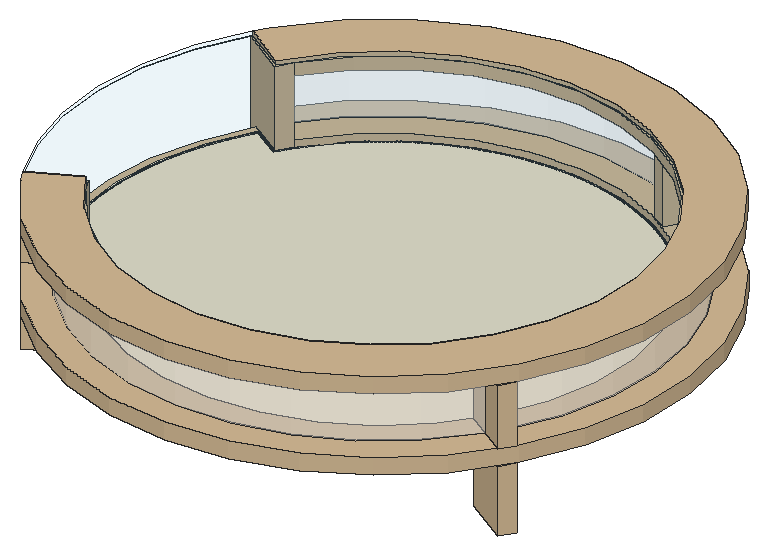
Revit family "MESA DE CENTRO M.A. 1,10M", category Modelos genéricos, Revit 2024 (continued)
Automatic sketch dimensions
  Extrusion 85 sketch curve to Extrusion 85 sketch curve = 0.1014 cm
  Extrusion 85 sketch curve to Extrusion 85 sketch curve = 0.1016 cm
  Extrusion 85 sketch curve to Extrusion 85 sketch curve = 0.0125 cm
  Extrusion 85 sketch curve to Extrusion 85 sketch curve = 0.0 cm  (x4)
  Extrusion 85 sketch curve to Extrusion 85 sketch curve = 24.7137 cm
  Extrusion 85 sketch curve to Extrusion 85 sketch curve = 0.2775 cm
  Extrusion 86 sketch curve to Extrusion 86 sketch curve = 0.1001 cm
  Extrusion 86 sketch curve to Extrusion 86 sketch curve = 0.1014 cm
  Extrusion 86 sketch curve to Extrusion 86 sketch curve = 0.1016 cm
  Extrusion 86 sketch curve to Extrusion 86 sketch curve = 0.0125 cm
  Extrusion 86 sketch curve to Extrusion 86 sketch curve = 0.0 cm  (x4)
  Extrusion 86 sketch curve to Extrusion 86 sketch curve = 24.7137 cm
  Extrusion 86 sketch curve to Extrusion 86 sketch curve = 0.2775 cm
  Extrusion 87 sketch curve to Extrusion 87 sketch curve = 0.1001 cm
  Extrusion 87 sketch curve to Extrusion 87 sketch curve = 0.1014 cm
  Extrusion 87 sketch curve to Extrusion 87 sketch curve = 0.1016 cm
  Extrusion 87 sketch curve to Extrusion 87 sketch curve = 0.0125 cm
  Extrusion 87 sketch curve to Extrusion 87 sketch curve = 0.0 cm  (x4)
  Extrusion 87 sketch curve to Extrusion 87 sketch curve = 24.7137 cm
  Extrusion 87 sketch curve to Extrusion 87 sketch curve = 0.2775 cm
  Extrusion 88 sketch curve to Extrusion 88 sketch curve = 0.1001 cm
  Extrusion 88 sketch curve to Extrusion 88 sketch curve = 0.1014 cm
  Extrusion 88 sketch curve to Extrusion 88 sketch curve = 0.1016 cm
  Extrusion 88 sketch curve to Extrusion 88 sketch curve = 0.0125 cm
  Extrusion 88 sketch curve to Extrusion 88 sketch curve = 0.0 cm  (x4)
  Extrusion 88 sketch curve to Extrusion 88 sketch curve = 24.7137 cm
  Extrusion 88 sketch curve to Extrusion 88 sketch curve = 0.2775 cm
  Extrusion 89 sketch curve to Extrusion 89 sketch curve = 0.1001 cm
  Extrusion 89 sketch curve to Extrusion 89 sketch curve = 0.1014 cm
  Extrusion 89 sketch curve to Extrusion 89 sketch curve = 0.1016 cm
  Extrusion 89 sketch curve to Extrusion 89 sketch curve = 0.0125 cm
  Extrusion 89 sketch curve to Extrusion 89 sketch curve = 0.0 cm  (x4)
  Extrusion 89 sketch curve to Extrusion 89 sketch curve = 24.7137 cm
  Extrusion 89 sketch curve to Extrusion 89 sketch curve = 0.2775 cm
  Extrusion 90 sketch curve to Extrusion 90 sketch curve = 0.1001 cm
  Extrusion 90 sketch curve to Extrusion 90 sketch curve = 0.1014 cm
  Extrusion 90 sketch curve to Extrusion 90 sketch curve = 0.1016 cm
  Extrusion 90 sketch curve to Extrusion 90 sketch curve = 0.0125 cm
  Extrusion 90 sketch curve to Extrusion 90 sketch curve = 0.0 cm  (x4)
  Extrusion 90 sketch curve to Extrusion 90 sketch curve = 24.7137 cm
  Extrusion 90 sketch curve to Extrusion 90 sketch curve = 0.2775 cm
  Extrusion 91 sketch curve to Extrusion 91 sketch curve = 0.1001 cm
  Extrusion 91 sketch curve to Extrusion 91 sketch curve = 0.1014 cm
  Extrusion 91 sketch curve to Extrusion 91 sketch curve = 0.1016 cm
  Extrusion 91 sketch curve to Extrusion 91 sketch curve = 0.0125 cm
  Extrusion 91 sketch curve to Extrusion 91 sketch curve = 0.0 cm  (x4)
  Extrusion 91 sketch curve to Extrusion 91 sketch curve = 24.7137 cm
  Extrusion 91 sketch curve to Extrusion 91 sketch curve = 0.2775 cm
  Extrusion 92 sketch curve to Extrusion 92 sketch curve = 0.1001 cm
  Extrusion 92 sketch curve to Extrusion 92 sketch curve = 0.1014 cm
  Extrusion 92 sketch curve to Extrusion 92 sketch curve = 0.1016 cm
  Extrusion 92 sketch curve to Extrusion 92 sketch curve = 0.0125 cm
  Extrusion 92 sketch curve to Extrusion 92 sketch curve = 0.0 cm  (x4)
  Extrusion 92 sketch curve to Extrusion 92 sketch curve = 24.7137 cm
  Extrusion 92 sketch curve to Extrusion 92 sketch curve = 0.2775 cm
  Extrusion 93 sketch curve to Extrusion 93 sketch curve = 0.1001 cm
  Extrusion 93 sketch curve to Extrusion 93 sketch curve = 0.1014 cm
  Extrusion 93 sketch curve to Extrusion 93 sketch curve = 0.1016 cm
  Extrusion 93 sketch curve to Extrusion 93 sketch curve = 0.0125 cm
  Extrusion 93 sketch curve to Extrusion 93 sketch curve = 0.0 cm  (x4)
  Extrusion 93 sketch curve to Extrusion 93 sketch curve = 24.7137 cm
  Extrusion 93 sketch curve to Extrusion 93 sketch curve = 0.2775 cm
  Extrusion 94 sketch curve to Extrusion 94 sketch curve = 0.1001 cm
  Extrusion 94 sketch curve to Extrusion 94 sketch curve = 0.1014 cm
  Extrusion 94 sketch curve to Extrusion 94 sketch curve = 0.1016 cm
  Extrusion 94 sketch curve to Extrusion 94 sketch curve = 0.0125 cm
  Extrusion 94 sketch curve to Extrusion 94 sketch curve = 0.0 cm  (x4)
  Extrusion 94 sketch curve to Extrusion 94 sketch curve = 24.7137 cm
  Extrusion 94 sketch curve to Extrusion 94 sketch curve = 0.2775 cm
  Extrusion 95 sketch curve to Extrusion 95 sketch curve = 0.1001 cm
  Extrusion 95 sketch curve to Extrusion 95 sketch curve = 0.1014 cm
  Extrusion 95 sketch curve to Extrusion 95 sketch curve = 0.1016 cm
  Extrusion 95 sketch curve to Extrusion 95 sketch curve = 0.0125 cm
  Extrusion 95 sketch curve to Extrusion 95 sketch curve = 0.0 cm  (x4)
  Extrusion 95 sketch curve to Extrusion 95 sketch curve = 24.7137 cm
  Extrusion 95 sketch curve to Extrusion 95 sketch curve = 0.2775 cm
  Extrusion 96 sketch curve to Extrusion 96 sketch curve = 0.1001 cm
  Extrusion 96 sketch curve to Extrusion 96 sketch curve = 0.1014 cm
  Extrusion 96 sketch curve to Extrusion 96 sketch curve = 0.1016 cm
  Extrusion 96 sketch curve to Extrusion 96 sketch curve = 0.0125 cm
  Extrusion 96 sketch curve to Extrusion 96 sketch curve = 0.0 cm  (x4)
  Extrusion 96 sketch curve to Extrusion 96 sketch curve = 24.7137 cm
  Extrusion 96 sketch curve to Extrusion 96 sketch curve = 0.2775 cm
  Extrusion 97 sketch curve to Extrusion 97 sketch curve = 0.1001 cm
  Extrusion 97 sketch curve to Extrusion 97 sketch curve = 0.1014 cm
  Extrusion 97 sketch curve to Extrusion 97 sketch curve = 0.1016 cm
  Extrusion 97 sketch curve to Extrusion 97 sketch curve = 0.0125 cm
  Extrusion 97 sketch curve to Extrusion 97 sketch curve = 0.0 cm  (x4)
  Extrusion 97 sketch curve to Extrusion 97 sketch curve = 24.7137 cm
  Extrusion 97 sketch curve to Extrusion 97 sketch curve = 0.2775 cm
  Extrusion 98 sketch curve to Extrusion 98 sketch curve = 0.1001 cm
  Extrusion 98 sketch curve to Extrusion 98 sketch curve = 0.1014 cm
  Extrusion 98 sketch curve to Extrusion 98 sketch curve = 0.1016 cm
  Extrusion 98 sketch curve to Extrusion 98 sketch curve = 0.0125 cm
  Extrusion 98 sketch curve to Extrusion 98 sketch curve = 0.0 cm  (x4)
  Extrusion 98 sketch curve to Extrusion 98 sketch curve = 24.7137 cm
  Extrusion 98 sketch curve to Extrusion 98 sketch curve = 0.2775 cm
  Extrusion 99 sketch curve to Extrusion 99 sketch curve = 0.1001 cm
  Extrusion 99 sketch curve to Extrusion 99 sketch curve = 0.1014 cm
  Extrusion 99 sketch curve to Extrusion 99 sketch curve = 0.1016 cm
  Extrusion 99 sketch curve to Extrusion 99 sketch curve = 0.0125 cm
  Extrusion 99 sketch curve to Extrusion 99 sketch curve = 0.0 cm  (x4)
  Extrusion 99 sketch curve to Extrusion 99 sketch curve = 24.7137 cm
  Extrusion 99 sketch curve to Extrusion 99 sketch curve = 0.2775 cm
  Extrusion 100 sketch curve to Extrusion 100 sketch curve = 0.1001 cm
  Extrusion 100 sketch curve to Extrusion 100 sketch curve = 0.1014 cm
  Extrusion 100 sketch curve to Extrusion 100 sketch curve = 0.1016 cm
  Extrusion 100 sketch curve to Extrusion 100 sketch curve = 0.0125 cm
  Extrusion 100 sketch curve to Extrusion 100 sketch curve = 0.0 cm  (x4)
  Extrusion 100 sketch curve to Extrusion 100 sketch curve = 24.7137 cm
  Extrusion 100 sketch curve to Extrusion 100 sketch curve = 0.2775 cm
  Extrusion 101 sketch curve to Extrusion 101 sketch curve = 0.1001 cm
  Extrusion 101 sketch curve to Extrusion 101 sketch curve = 0.1014 cm
  Extrusion 101 sketch curve to Extrusion 101 sketch curve = 0.1016 cm
  Extrusion 101 sketch curve to Extrusion 101 sketch curve = 0.0125 cm
  Extrusion 101 sketch curve to Extrusion 101 sketch curve = 0.0 cm  (x4)
  Extrusion 101 sketch curve to Extrusion 101 sketch curve = 24.7137 cm
  Extrusion 101 sketch curve to Extrusion 101 sketch curve = 0.2775 cm
  Extrusion 102 sketch curve to Extrusion 102 sketch curve = 0.1001 cm
  Extrusion 102 sketch curve to Extrusion 102 sketch curve = 0.1014 cm
  Extrusion 102 sketch curve to Extrusion 102 sketch curve = 0.1016 cm
  Extrusion 102 sketch curve to Extrusion 102 sketch curve = 0.0125 cm
  Extrusion 102 sketch curve to Extrusion 102 sketch curve = 0.0 cm  (x4)
  Extrusion 102 sketch curve to Extrusion 102 sketch curve = 24.7137 cm
  Extrusion 102 sketch curve to Extrusion 102 sketch curve = 0.2775 cm
  Extrusion 103 sketch curve to Extrusion 103 sketch curve = 0.1001 cm
  Extrusion 103 sketch curve to Extrusion 103 sketch curve = 0.1014 cm
  Extrusion 103 sketch curve to Extrusion 103 sketch curve = 0.1016 cm
  Extrusion 103 sketch curve to Extrusion 103 sketch curve = 0.0125 cm
  Extrusion 103 sketch curve to Extrusion 103 sketch curve = 0.0 cm  (x4)
  Extrusion 103 sketch curve to Extrusion 103 sketch curve = 24.7137 cm
  Extrusion 103 sketch curve to Extrusion 103 sketch curve = 0.2775 cm
  Extrusion 104 sketch curve to Extrusion 104 sketch curve = 0.1001 cm
  Extrusion 104 sketch curve to Extrusion 104 sketch curve = 0.1014 cm
  Extrusion 104 sketch curve to Extrusion 104 sketch curve = 0.1016 cm
  Extrusion 104 sketch curve to Extrusion 104 sketch curve = 0.0125 cm
  Extrusion 104 sketch curve to Extrusion 104 sketch curve = 0.0 cm  (x4)
  Extrusion 104 sketch curve to Extrusion 104 sketch curve = 24.7137 cm
  Extrusion 104 sketch curve to Extrusion 104 sketch curve = 0.2775 cm
  Extrusion 105 sketch curve to Extrusion 105 sketch curve = 0.1001 cm
  Extrusion 105 sketch curve to Extrusion 105 sketch curve = 0.1014 cm
  Extrusion 105 sketch curve to Extrusion 105 sketch curve = 0.1016 cm
  Extrusion 105 sketch curve to Extrusion 105 sketch curve = 0.0125 cm
  Extrusion 105 sketch curve to Extrusion 105 sketch curve = 0.0 cm  (x4)
  Extrusion 105 sketch curve to Extrusion 105 sketch curve = 24.7137 cm
  Extrusion 105 sketch curve to Extrusion 105 sketch curve = 0.2775 cm
  Extrusion 106 sketch curve to Extrusion 106 sketch curve = 0.1001 cm
  Extrusion 106 sketch curve to Extrusion 106 sketch curve = 0.1014 cm
  Extrusion 106 sketch curve to Extrusion 106 sketch curve = 0.1016 cm
  Extrusion 106 sketch curve to Extrusion 106 sketch curve = 0.0125 cm
  Extrusion 106 sketch curve to Extrusion 106 sketch curve = 0.0 cm  (x4)
  Extrusion 106 sketch curve to Extrusion 106 sketch curve = 24.7137 cm
  Extrusion 106 sketch curve to Extrusion 106 sketch curve = 0.2775 cm
  Extrusion 107 sketch curve to Extrusion 107 sketch curve = 0.1001 cm
  Extrusion 107 sketch curve to Extrusion 107 sketch curve = 0.1014 cm
  Extrusion 107 sketch curve to Extrusion 107 sketch curve = 0.1016 cm
  Extrusion 107 sketch curve to Extrusion 107 sketch curve = 0.0125 cm
  Extrusion 107 sketch curve to Extrusion 107 sketch curve = 0.0 cm  (x4)
  Extrusion 107 sketch curve to Extrusion 107 sketch curve = 24.7137 cm
  Extrusion 107 sketch curve to Extrusion 107 sketch curve = 0.2775 cm
  Extrusion 108 sketch curve to Extrusion 108 sketch curve = 0.1001 cm
  Extrusion 108 sketch curve to Extrusion 108 sketch curve = 0.1014 cm
  Extrusion 108 sketch curve to Extrusion 108 sketch curve = 0.1016 cm
  Extrusion 108 sketch curve to Extrusion 108 sketch curve = 0.0125 cm
  Extrusion 108 sketch curve to Extrusion 108 sketch curve = 0.0 cm  (x4)
  Extrusion 108 sketch curve to Extrusion 108 sketch curve = 24.7137 cm
  Extrusion 108 sketch curve to Extrusion 108 sketch curve = 0.2775 cm
  Extrusion 109 sketch curve to Extrusion 109 sketch curve = 0.1001 cm
  Extrusion 109 sketch curve to Extrusion 109 sketch curve = 0.1014 cm
  Extrusion 109 sketch curve to Extrusion 109 sketch curve = 0.1016 cm
  Extrusion 109 sketch curve to Extrusion 109 sketch curve = 0.0125 cm
  Extrusion 109 sketch curve to Extrusion 109 sketch curve = 0.0 cm  (x4)
  Extrusion 109 sketch curve to Extrusion 109 sketch curve = 24.7137 cm
  Extrusion 109 sketch curve to Extrusion 109 sketch curve = 0.2775 cm
  Extrusion 110 sketch curve to Extrusion 110 sketch curve = 0.1001 cm
  Extrusion 110 sketch curve to Extrusion 110 sketch curve = 0.1014 cm
  Extrusion 110 sketch curve to Extrusion 110 sketch curve = 0.1016 cm
  Extrusion 110 sketch curve to Extrusion 110 sketch curve = 0.0125 cm
  Extrusion 110 sketch curve to Extrusion 110 sketch curve = 0.0 cm  (x4)
  Extrusion 110 sketch curve to Extrusion 110 sketch curve = 24.7137 cm
  Extrusion 110 sketch curve to Extrusion 110 sketch curve = 0.2775 cm
  Extrusion 111 sketch curve to Extrusion 111 sketch curve = 0.1001 cm
  Extrusion 111 sketch curve to Extrusion 111 sketch curve = 0.1014 cm
  Extrusion 111 sketch curve to Extrusion 111 sketch curve = 0.1016 cm
  Extrusion 111 sketch curve to Extrusion 111 sketch curve = 0.0125 cm
  Extrusion 111 sketch curve to Extrusion 111 sketch curve = 0.0 cm  (x4)
  Extrusion 111 sketch curve to Extrusion 111 sketch curve = 24.7137 cm
  Extrusion 111 sketch curve to Extrusion 111 sketch curve = 0.2775 cm
  Extrusion 112 sketch curve to Extrusion 112 sketch curve = 0.1001 cm
  Extrusion 112 sketch curve to Extrusion 112 sketch curve = 0.1014 cm
  Extrusion 112 sketch curve to Extrusion 112 sketch curve = 0.1016 cm
  Extrusion 112 sketch curve to Extrusion 112 sketch curve = 0.0125 cm
  Extrusion 112 sketch curve to Extrusion 112 sketch curve = 0.0 cm  (x4)
  Extrusion 112 sketch curve to Extrusion 112 sketch curve = 24.7137 cm
  Extrusion 112 sketch curve to Extrusion 112 sketch curve = 0.2775 cm
  Extrusion 113 sketch curve to Extrusion 113 sketch curve = 0.1001 cm
  Extrusion 113 sketch curve to Extrusion 113 sketch curve = 0.1014 cm
  Extrusion 113 sketch curve to Extrusion 113 sketch curve = 0.1016 cm
  Extrusion 113 sketch curve to Extrusion 113 sketch curve = 0.0125 cm
  Extrusion 113 sketch curve to Extrusion 113 sketch curve = 0.0 cm  (x4)
  Extrusion 113 sketch curve to Extrusion 113 sketch curve = 24.7137 cm
  Extrusion 113 sketch curve to Extrusion 113 sketch curve = 0.2775 cm
  Extrusion 114 sketch curve to Extrusion 114 sketch curve = 0.1001 cm
  Extrusion 114 sketch curve to Extrusion 114 sketch curve = 0.1014 cm
  Extrusion 114 sketch curve to Extrusion 114 sketch curve = 0.1016 cm
  Extrusion 114 sketch curve to Extrusion 114 sketch curve = 0.0125 cm
  Extrusion 114 sketch curve to Extrusion 114 sketch curve = 0.0 cm  (x4)
  Extrusion 114 sketch curve to Extrusion 114 sketch curve = 24.7137 cm
  Extrusion 114 sketch curve to Extrusion 114 sketch curve = 0.2775 cm
  Extrusion 115 sketch curve to Extrusion 115 sketch curve = 0.1001 cm
  Extrusion 115 sketch curve to Extrusion 115 sketch curve = 0.1014 cm
  Extrusion 115 sketch curve to Extrusion 115 sketch curve = 0.1016 cm
  Extrusion 115 sketch curve to Extrusion 115 sketch curve = 0.0125 cm
  Extrusion 115 sketch curve to Extrusion 115 sketch curve = 0.0 cm  (x4)
  Extrusion 115 sketch curve to Extrusion 115 sketch curve = 24.7137 cm
  Extrusion 115 sketch curve to Extrusion 115 sketch curve = 0.2775 cm
  Extrusion 116 sketch curve to Extrusion 116 sketch curve = 0.1001 cm
  Extrusion 116 sketch curve to Extrusion 116 sketch curve = 0.1014 cm
  Extrusion 116 sketch curve to Extrusion 116 sketch curve = 0.1016 cm
  Extrusion 116 sketch curve to Extrusion 116 sketch curve = 0.0125 cm
  Extrusion 116 sketch curve to Extrusion 116 sketch curve = 0.0 cm  (x4)
  Extrusion 116 sketch curve to Extrusion 116 sketch curve = 24.7137 cm
  Extrusion 116 sketch curve to Extrusion 116 sketch curve = 0.2775 cm
  Extrusion 117 sketch curve to Extrusion 117 sketch curve = 0.1001 cm
  Extrusion 117 sketch curve to Extrusion 117 sketch curve = 0.1014 cm
  Extrusion 117 sketch curve to Extrusion 117 sketch curve = 0.1016 cm
  Extrusion 117 sketch curve to Extrusion 117 sketch curve = 0.0125 cm
  Extrusion 117 sketch curve to Extrusion 117 sketch curve = 0.0 cm  (x4)
  Extrusion 117 sketch curve to Extrusion 117 sketch curve = 24.7137 cm
  Extrusion 117 sketch curve to Extrusion 117 sketch curve = 0.2775 cm
  Extrusion 118 sketch curve to Extrusion 118 sketch curve = 0.1001 cm
  Extrusion 118 sketch curve to Extrusion 118 sketch curve = 0.1014 cm
  Extrusion 118 sketch curve to Extrusion 118 sketch curve = 0.1016 cm
  Extrusion 118 sketch curve to Extrusion 118 sketch curve = 0.0125 cm
  Extrusion 118 sketch curve to Extrusion 118 sketch curve = 0.0 cm  (x4)
  Extrusion 118 sketch curve to Extrusion 118 sketch curve = 24.7137 cm
  Extrusion 118 sketch curve to Extrusion 118 sketch curve = 0.2775 cm
  Extrusion 119 sketch curve to Extrusion 119 sketch curve = 0.1001 cm
  Extrusion 119 sketch curve to Extrusion 119 sketch curve = 0.1014 cm
  Extrusion 119 sketch curve to Extrusion 119 sketch curve = 0.1016 cm
  Extrusion 119 sketch curve to Extrusion 119 sketch curve = 0.0125 cm
  Extrusion 119 sketch curve to Extrusion 119 sketch curve = 0.0 cm  (x4)
  Extrusion 119 sketch curve to Extrusion 119 sketch curve = 24.7137 cm
  Extrusion 119 sketch curve to Extrusion 119 sketch curve = 0.2775 cm
  Extrusion 120 sketch curve to Extrusion 120 sketch curve = 0.1001 cm
  Extrusion 120 sketch curve to Extrusion 120 sketch curve = 0.1014 cm
  Extrusion 120 sketch curve to Extrusion 120 sketch curve = 0.1016 cm
  Extrusion 120 sketch curve to Extrusion 120 sketch curve = 0.0125 cm
  Extrusion 120 sketch curve to Extrusion 120 sketch curve = 0.0 cm  (x4)
  Extrusion 120 sketch curve to Extrusion 120 sketch curve = 24.7137 cm
  Extrusion 120 sketch curve to Extrusion 120 sketch curve = 0.2775 cm
  Extrusion 121 sketch curve to Extrusion 121 sketch curve = 0.1001 cm
  Extrusion 121 sketch curve to Extrusion 121 sketch curve = 0.1014 cm
  Extrusion 121 sketch curve to Extrusion 121 sketch curve = 0.1016 cm
  Extrusion 121 sketch curve to Extrusion 121 sketch curve = 0.0125 cm
  Extrusion 121 sketch curve to Extrusion 121 sketch curve = 0.0 cm  (x4)
  Extrusion 121 sketch curve to Extrusion 121 sketch curve = 24.7137 cm
  Extrusion 121 sketch curve to Extrusion 121 sketch curve = 0.2775 cm
  Extrusion 122 sketch curve to Extrusion 122 sketch curve = 0.1001 cm
  Extrusion 122 sketch curve to Extrusion 122 sketch curve = 0.1014 cm
  Extrusion 122 sketch curve to Extrusion 122 sketch curve = 0.1016 cm
  Extrusion 122 sketch curve to Extrusion 122 sketch curve = 0.0125 cm
  Extrusion 122 sketch curve to Extrusion 122 sketch curve = 0.0 cm  (x4)
  Extrusion 122 sketch curve to Extrusion 122 sketch curve = 24.7137 cm
  Extrusion 122 sketch curve to Extrusion 122 sketch curve = 0.2775 cm
  Extrusion 123 sketch curve to Extrusion 123 sketch curve = 0.1001 cm
  Extrusion 123 sketch curve to Extrusion 123 sketch curve = 0.1014 cm
  Extrusion 123 sketch curve to Extrusion 123 sketch curve = 0.1016 cm
  Extrusion 123 sketch curve to Extrusion 123 sketch curve = 0.0125 cm
  Extrusion 123 sketch curve to Extrusion 123 sketch curve = 0.0 cm  (x4)
  Extrusion 123 sketch curve to Extrusion 123 sketch curve = 24.7137 cm
  Extrusion 123 sketch curve to Extrusion 123 sketch curve = 0.2775 cm
  Extrusion 124 sketch curve to Extrusion 124 sketch curve = 0.1001 cm
  Extrusion 124 sketch curve to Extrusion 124 sketch curve = 0.1014 cm
  Extrusion 124 sketch curve to Extrusion 124 sketch curve = 0.1016 cm
  Extrusion 124 sketch curve to Extrusion 124 sketch curve = 0.0125 cm
  Extrusion 124 sketch curve to Extrusion 124 sketch curve = 0.0 cm  (x4)
  Extrusion 124 sketch curve to Extrusion 124 sketch curve = 24.7137 cm
  Extrusion 124 sketch curve to Extrusion 124 sketch curve = 0.2775 cm
  Extrusion 125 sketch curve to Extrusion 125 sketch curve = 0.1001 cm
  Extrusion 125 sketch curve to Extrusion 125 sketch curve = 0.1014 cm
  Extrusion 125 sketch curve to Extrusion 125 sketch curve = 0.1016 cm
  Extrusion 125 sketch curve to Extrusion 125 sketch curve = 0.0125 cm
  Extrusion 125 sketch curve to Extrusion 125 sketch curve = 0.0 cm  (x4)
  Extrusion 125 sketch curve to Extrusion 125 sketch curve = 24.7137 cm
  Extrusion 125 sketch curve to Extrusion 125 sketch curve = 0.2775 cm
  Extrusion 126 sketch curve to Extrusion 126 sketch curve = 0.1001 cm
  Extrusion 126 sketch curve to Extrusion 126 sketch curve = 0.1014 cm
  Extrusion 126 sketch curve to Extrusion 126 sketch curve = 0.1016 cm
  Extrusion 126 sketch curve to Extrusion 126 sketch curve = 0.0125 cm
  Extrusion 126 sketch curve to Extrusion 126 sketch curve = 0.0 cm  (x4)
  Extrusion 126 sketch curve to Extrusion 126 sketch curve = 24.7137 cm
  Extrusion 126 sketch curve to Extrusion 126 sketch curve = 0.2775 cm
  Extrusion 127 sketch curve to Extrusion 127 sketch curve = 0.1001 cm
  Extrusion 127 sketch curve to Extrusion 127 sketch curve = 0.1014 cm
  Extrusion 127 sketch curve to Extrusion 127 sketch curve = 0.1016 cm
  Extrusion 127 sketch curve to Extrusion 127 sketch curve = 0.0125 cm
  Extrusion 127 sketch curve to Extrusion 127 sketch curve = 0.0 cm  (x4)
  Extrusion 127 sketch curve to Extrusion 127 sketch curve = 24.7137 cm
  Extrusion 127 sketch curve to Extrusion 127 sketch curve = 0.2775 cm
  Extrusion 128 sketch curve to Extrusion 128 sketch curve = 0.1001 cm
  Extrusion 128 sketch curve to Extrusion 128 sketch curve = 0.1014 cm
  Extrusion 128 sketch curve to Extrusion 128 sketch curve = 0.1016 cm
  Extrusion 128 sketch curve to Extrusion 128 sketch curve = 0.0125 cm
  Extrusion 128 sketch curve to Extrusion 128 sketch curve = 0.0 cm  (x4)
  Extrusion 128 sketch curve to Extrusion 128 sketch curve = 24.7137 cm
  Extrusion 128 sketch curve to Extrusion 128 sketch curve = 0.2775 cm
  Extrusion 129 sketch curve to Extrusion 129 sketch curve = 0.1001 cm
  Extrusion 129 sketch curve to Extrusion 129 sketch curve = 0.1014 cm
  Extrusion 129 sketch curve to Extrusion 129 sketch curve = 0.1016 cm
  Extrusion 129 sketch curve to Extrusion 129 sketch curve = 0.0125 cm
  Extrusion 129 sketch curve to Extrusion 129 sketch curve = 0.0 cm  (x4)
  Extrusion 129 sketch curve to Extrusion 129 sketch curve = 24.7137 cm
  Extrusion 129 sketch curve to Extrusion 129 sketch curve = 0.2775 cm
  Extrusion 130 sketch curve to Extrusion 130 sketch curve = 0.1001 cm
  Extrusion 130 sketch curve to Extrusion 130 sketch curve = 0.1014 cm
  Extrusion 130 sketch curve to Extrusion 130 sketch curve = 0.1016 cm
  Extrusion 130 sketch curve to Extrusion 130 sketch curve = 0.0125 cm
  Extrusion 130 sketch curve to Extrusion 130 sketch curve = 0.0 cm  (x4)
  Extrusion 130 sketch curve to Extrusion 130 sketch curve = 24.7137 cm
  Extrusion 130 sketch curve to Extrusion 130 sketch curve = 0.2775 cm
  Extrusion 131 sketch curve to Extrusion 131 sketch curve = 0.1001 cm
  Extrusion 131 sketch curve to Extrusion 131 sketch curve = 0.1014 cm
  Extrusion 131 sketch curve to Extrusion 131 sketch curve = 0.1016 cm
  Extrusion 131 sketch curve to Extrusion 131 sketch curve = 0.0125 cm
  Extrusion 131 sketch curve to Extrusion 131 sketch curve = 0.0 cm  (x4)
  Extrusion 131 sketch curve to Extrusion 131 sketch curve = 24.7137 cm
  Extrusion 131 sketch curve to Extrusion 131 sketch curve = 0.2775 cm
  Extrusion 132 sketch curve to Extrusion 132 sketch curve = 0.1001 cm
  Extrusion 132 sketch curve to Extrusion 132 sketch curve = 0.1014 cm
  Extrusion 132 sketch curve to Extrusion 132 sketch curve = 0.1016 cm
  Extrusion 132 sketch curve to Extrusion 132 sketch curve = 0.0125 cm
  Extrusion 132 sketch curve to Extrusion 132 sketch curve = 0.0 cm  (x4)
  Extrusion 132 sketch curve to Extrusion 132 sketch curve = 24.7137 cm
  Extrusion 132 sketch curve to Extrusion 132 sketch curve = 0.2775 cm
  Extrusion 134 sketch curve to Extrusion 134 sketch curve = 0.1162 cm
  Extrusion 134 sketch curve to Extrusion 134 sketch curve = 0.1014 cm
  Extrusion 134 sketch curve to Extrusion 134 sketch curve = 0.0426 cm
  Extrusion 140 sketch curve to Extrusion 140 sketch curve = 0.1162 cm
  Extrusion 140 sketch curve to Extrusion 140 sketch curve = 0.1014 cm
  Extrusion 140 sketch curve to Extrusion 140 sketch curve = 0.0426 cm
  Extrusion 147 sketch curve to Extrusion 147 sketch curve = 0.1162 cm
  Extrusion 147 sketch curve to Extrusion 147 sketch curve = 0.1014 cm
  Extrusion 147 sketch curve to Extrusion 147 sketch curve = 0.0426 cm
  Extrusion 148 sketch curve to Extrusion 148 sketch curve = 0.1162 cm
  Extrusion 148 sketch curve to Extrusion 148 sketch curve = 0.1014 cm
  Extrusion 148 sketch curve to Extrusion 148 sketch curve = 0.0426 cm
  Extrusion 149 sketch curve to Extrusion 149 sketch curve = 0.1162 cm
  Extrusion 149 sketch curve to Extrusion 149 sketch curve = 0.1014 cm
  Extrusion 149 sketch curve to Extrusion 149 sketch curve = 0.0426 cm
  Extrusion 150 sketch curve to Extrusion 150 sketch curve = 0.1162 cm
  Extrusion 150 sketch curve to Extrusion 150 sketch curve = 0.1014 cm
  Extrusion 150 sketch curve to Extrusion 150 sketch curve = 0.0426 cm
  Extrusion 151 sketch curve to Extrusion 151 sketch curve = 0.1162 cm
  Extrusion 151 sketch curve to Extrusion 151 sketch curve = 0.1014 cm
  Extrusion 151 sketch curve to Extrusion 151 sketch curve = 0.0426 cm
  Extrusion 152 sketch curve to Extrusion 152 sketch curve = 0.1162 cm
  Extrusion 152 sketch curve to Extrusion 152 sketch curve = 0.1014 cm
  Extrusion 152 sketch curve to Extrusion 152 sketch curve = 0.0426 cm
  Extrusion 153 sketch curve to Extrusion 153 sketch curve = 0.1162 cm
  Extrusion 153 sketch curve to Extrusion 153 sketch curve = 0.1014 cm
  Extrusion 153 sketch curve to Extrusion 153 sketch curve = 0.0426 cm
  Extrusion 154 sketch curve to Extrusion 154 sketch curve = 0.1162 cm
  Extrusion 154 sketch curve to Extrusion 154 sketch curve = 0.1014 cm
  Extrusion 154 sketch curve to Extrusion 154 sketch curve = 0.0426 cm
  Extrusion 155 sketch curve to Extrusion 155 sketch curve = 0.1162 cm
  Extrusion 155 sketch curve to Extrusion 155 sketch curve = 0.1014 cm
  Extrusion 155 sketch curve to Extrusion 155 sketch curve = 0.0426 cm
  Extrusion 156 sketch curve to Extrusion 156 sketch curve = 0.1162 cm
  Extrusion 156 sketch curve to Extrusion 156 sketch curve = 0.1014 cm
  Extrusion 156 sketch curve to Extrusion 156 sketch curve = 0.0426 cm
  Extrusion 157 sketch curve to Extrusion 157 sketch curve = 0.1162 cm
  Extrusion 157 sketch curve to Extrusion 157 sketch curve = 0.1014 cm
  Extrusion 157 sketch curve to Extrusion 157 sketch curve = 0.0426 cm
  Extrusion 158 sketch curve to Extrusion 158 sketch curve = 0.1162 cm
  Extrusion 158 sketch curve to Extrusion 158 sketch curve = 0.1014 cm
  Extrusion 158 sketch curve to Extrusion 158 sketch curve = 0.0426 cm
  Extrusion 159 sketch curve to Extrusion 159 sketch curve = 0.1162 cm
  Extrusion 159 sketch curve to Extrusion 159 sketch curve = 0.1014 cm
  Extrusion 159 sketch curve to Extrusion 159 sketch curve = 0.0426 cm
  Extrusion 160 sketch curve to Extrusion 160 sketch curve = 0.1162 cm
  Extrusion 160 sketch curve to Extrusion 160 sketch curve = 0.1014 cm
  Extrusion 160 sketch curve to Extrusion 160 sketch curve = 0.0426 cm
  Extrusion 161 sketch curve to Extrusion 161 sketch curve = 0.1162 cm
  Extrusion 161 sketch curve to Extrusion 161 sketch curve = 0.1014 cm
  Extrusion 161 sketch curve to Extrusion 161 sketch curve = 0.0426 cm
  Extrusion 162 sketch curve to Extrusion 162 sketch curve = 0.1162 cm
  Extrusion 162 sketch curve to Extrusion 162 sketch curve = 0.1014 cm
  Extrusion 162 sketch curve to Extrusion 162 sketch curve = 0.0426 cm
  Extrusion 163 sketch curve to Extrusion 163 sketch curve = 0.1162 cm
  Extrusion 163 sketch curve to Extrusion 163 sketch curve = 0.1014 cm
  Extrusion 163 sketch curve to Extrusion 163 sketch curve = 0.0426 cm
  Extrusion 164 sketch curve to Extrusion 164 sketch curve = 0.1162 cm
  Extrusion 164 sketch curve to Extrusion 164 sketch curve = 0.1014 cm
  Extrusion 164 sketch curve to Extrusion 164 sketch curve = 0.0426 cm
  Extrusion 165 sketch curve to Extrusion 165 sketch curve = 0.1162 cm
  Extrusion 165 sketch curve to Extrusion 165 sketch curve = 0.1014 cm
  Extrusion 165 sketch curve to Extrusion 165 sketch curve = 0.0426 cm
  Extrusion 166 sketch curve to Extrusion 166 sketch curve = 0.1162 cm
  Extrusion 166 sketch curve to Extrusion 166 sketch curve = 0.1014 cm
  Extrusion 166 sketch curve to Extrusion 166 sketch curve = 0.0426 cm
  Extrusion 167 sketch curve to Extrusion 167 sketch curve = 0.1162 cm
  Extrusion 167 sketch curve to Extrusion 167 sketch curve = 0.1014 cm
  Extrusion 167 sketch curve to Extrusion 167 sketch curve = 0.0426 cm
  Extrusion 168 sketch curve to Extrusion 168 sketch curve = 0.1162 cm
  Extrusion 168 sketch curve to Extrusion 168 sketch curve = 0.1014 cm
  Extrusion 168 sketch curve to Extrusion 168 sketch curve = 0.0426 cm
  Extrusion 169 sketch curve to Extrusion 169 sketch curve = 0.1162 cm
  Extrusion 169 sketch curve to Extrusion 169 sketch curve = 0.1014 cm
  Extrusion 169 sketch curve to Extrusion 169 sketch curve = 0.0426 cm
  Extrusion 170 sketch curve to Extrusion 170 sketch curve = 0.1162 cm
  Extrusion 170 sketch curve to Extrusion 170 sketch curve = 0.1014 cm
  Extrusion 170 sketch curve to Extrusion 170 sketch curve = 0.0426 cm
  Extrusion 171 sketch curve to Extrusion 171 sketch curve = 0.1162 cm
  Extrusion 171 sketch curve to Extrusion 171 sketch curve = 0.1014 cm
  Extrusion 171 sketch curve to Extrusion 171 sketch curve = 0.0426 cm
  Extrusion 172 sketch curve to Extrusion 172 sketch curve = 0.1162 cm
  Extrusion 172 sketch curve to Extrusion 172 sketch curve = 0.1014 cm
  Extrusion 172 sketch curve to Extrusion 172 sketch curve = 0.0426 cm
  Extrusion 173 sketch curve to Extrusion 173 sketch curve = 0.1162 cm
  Extrusion 173 sketch curve to Extrusion 173 sketch curve = 0.1014 cm
  Extrusion 173 sketch curve to Extrusion 173 sketch curve = 0.0426 cm
  Extrusion 174 sketch curve to Extrusion 174 sketch curve = 0.1162 cm
  Extrusion 174 sketch curve to Extrusion 174 sketch curve = 0.1014 cm
  Extrusion 174 sketch curve to Extrusion 174 sketch curve = 0.0426 cm
  Extrusion 175 sketch curve to Extrusion 175 sketch curve = 0.1162 cm
  Extrusion 175 sketch curve to Extrusion 175 sketch curve = 0.1014 cm
  Extrusion 175 sketch curve to Extrusion 175 sketch curve = 0.0426 cm
  Extrusion 176 sketch curve to Extrusion 176 sketch curve = 0.1162 cm
  Extrusion 176 sketch curve to Extrusion 176 sketch curve = 0.1014 cm
  Extrusion 176 sketch curve to Extrusion 176 sketch curve = 0.0426 cm
  Extrusion 177 sketch curve to Extrusion 177 sketch curve = 0.1162 cm
  Extrusion 177 sketch curve to Extrusion 177 sketch curve = 0.1014 cm
  Extrusion 177 sketch curve to Extrusion 177 sketch curve = 0.0426 cm
  Extrusion 178 sketch curve to Extrusion 178 sketch curve = 0.1162 cm
  Extrusion 178 sketch curve to Extrusion 178 sketch curve = 0.1014 cm
  Extrusion 178 sketch curve to Extrusion 178 sketch curve = 0.0426 cm
  Extrusion 179 sketch curve to Extrusion 179 sketch curve = 0.1162 cm
  Extrusion 179 sketch curve to Extrusion 179 sketch curve = 0.1014 cm
  Extrusion 179 sketch curve to Extrusion 179 sketch curve = 0.0426 cm
  Extrusion 180 sketch curve to Extrusion 180 sketch curve = 0.1162 cm
  Extrusion 180 sketch curve to Extrusion 180 sketch curve = 0.1014 cm
  Extrusion 180 sketch curve to Extrusion 180 sketch curve = 0.0426 cm
  Extrusion 181 sketch curve to Extrusion 181 sketch curve = 0.1162 cm
  Extrusion 181 sketch curve to Extrusion 181 sketch curve = 0.1014 cm
  Extrusion 181 sketch curve to Extrusion 181 sketch curve = 0.0426 cm
  Extrusion 182 sketch curve to Extrusion 182 sketch curve = 0.1162 cm
  Extrusion 182 sketch curve to Extrusion 182 sketch curve = 0.1014 cm
  Extrusion 182 sketch curve to Extrusion 182 sketch curve = 0.0426 cm
  Extrusion 183 sketch curve to Extrusion 183 sketch curve = 0.1162 cm
  Extrusion 183 sketch curve to Extrusion 183 sketch curve = 0.1014 cm
  Extrusion 183 sketch curve to Extrusion 183 sketch curve = 0.0426 cm
  Extrusion 184 sketch curve to Extrusion 184 sketch curve = 0.1162 cm
  Extrusion 184 sketch curve to Extrusion 184 sketch curve = 0.1014 cm
  Extrusion 184 sketch curve to Extrusion 184 sketch curve = 0.0426 cm
  Extrusion 185 sketch curve to Extrusion 185 sketch curve = 0.1162 cm
  Extrusion 185 sketch curve to Extrusion 185 sketch curve = 0.1014 cm
  Extrusion 185 sketch curve to Extrusion 185 sketch curve = 0.0426 cm
  Extrusion 186 sketch curve to Extrusion 186 sketch curve = 0.1162 cm
  Extrusion 186 sketch curve to Extrusion 186 sketch curve = 0.1014 cm
  Extrusion 186 sketch curve to Extrusion 186 sketch curve = 0.0426 cm
  Extrusion 187 sketch curve to Extrusion 187 sketch curve = 0.1162 cm
  Extrusion 187 sketch curve to Extrusion 187 sketch curve = 0.1014 cm
  Extrusion 187 sketch curve to Extrusion 187 sketch curve = 0.0426 cm
  Extrusion 188 sketch curve to Extrusion 188 sketch curve = 0.1162 cm
  Extrusion 188 sketch curve to Extrusion 188 sketch curve = 0.1014 cm
  Extrusion 188 sketch curve to Extrusion 188 sketch curve = 0.0426 cm
  Extrusion 189 sketch curve to Extrusion 189 sketch curve = 0.1162 cm
  Extrusion 189 sketch curve to Extrusion 189 sketch curve = 0.1014 cm
  Extrusion 189 sketch curve to Extrusion 189 sketch curve = 0.0426 cm
  Extrusion 190 sketch curve to Extrusion 190 sketch curve = 0.1162 cm
  Extrusion 190 sketch curve to Extrusion 190 sketch curve = 0.1014 cm
  Extrusion 190 sketch curve to Extrusion 190 sketch curve = 0.0426 cm
  Extrusion 191 sketch curve to Extrusion 191 sketch curve = 0.1162 cm
  Extrusion 191 sketch curve to Extrusion 191 sketch curve = 0.1014 cm
  Extrusion 191 sketch curve to Extrusion 191 sketch curve = 0.0426 cm
  Extrusion 192 sketch curve to Extrusion 192 sketch curve = 0.1162 cm
  Extrusion 192 sketch curve to Extrusion 192 sketch curve = 0.1014 cm
  Extrusion 192 sketch curve to Extrusion 192 sketch curve = 0.0426 cm
  Extrusion 193 sketch curve to Extrusion 193 sketch curve = 0.1162 cm
  Extrusion 193 sketch curve to Extrusion 193 sketch curve = 0.1014 cm
  Extrusion 193 sketch curve to Extrusion 193 sketch curve = 0.0426 cm
  Extrusion 194 sketch curve to Extrusion 194 sketch curve = 0.1162 cm
  Extrusion 194 sketch curve to Extrusion 194 sketch curve = 0.1014 cm
  Extrusion 194 sketch curve to Extrusion 194 sketch curve = 0.0426 cm
  Extrusion 195 sketch curve to Extrusion 195 sketch curve = 0.1162 cm
  Extrusion 195 sketch curve to Extrusion 195 sketch curve = 0.1014 cm
  Extrusion 195 sketch curve to Extrusion 195 sketch curve = 0.0426 cm
  Extrusion 196 sketch curve to Extrusion 196 sketch curve = 0.1162 cm
  Extrusion 196 sketch curve to Extrusion 196 sketch curve = 0.1014 cm
  Extrusion 196 sketch curve to Extrusion 196 sketch curve = 0.0426 cm
  Extrusion 197 sketch curve to Extrusion 197 sketch curve = 0.1162 cm
  Extrusion 197 sketch curve to Extrusion 197 sketch curve = 0.1014 cm
  Extrusion 197 sketch curve to Extrusion 197 sketch curve = 0.0426 cm
  Extrusion 198 sketch curve to Extrusion 198 sketch curve = 0.1162 cm
  Extrusion 198 sketch curve to Extrusion 198 sketch curve = 0.1014 cm
  Extrusion 198 sketch curve to Extrusion 198 sketch curve = 0.0426 cm
  Extrusion 199 sketch curve to Extrusion 199 sketch curve = 0.1162 cm
  Extrusion 199 sketch curve to Extrusion 199 sketch curve = 0.1014 cm
  Extrusion 199 sketch curve to Extrusion 199 sketch curve = 0.0426 cm
  Extrusion 200 sketch curve to Extrusion 200 sketch curve = 0.1162 cm
  Extrusion 200 sketch curve to Extrusion 200 sketch curve = 0.1014 cm
  Extrusion 200 sketch curve to Extrusion 200 sketch curve = 0.0426 cm
  Extrusion 201 sketch curve to Extrusion 201 sketch curve = 0.1162 cm
  Extrusion 201 sketch curve to Extrusion 201 sketch curve = 0.1014 cm
  Extrusion 201 sketch curve to Extrusion 201 sketch curve = 0.0426 cm
  Extrusion 202 sketch curve to Extrusion 202 sketch curve = 0.1162 cm
  Extrusion 202 sketch curve to Extrusion 202 sketch curve = 0.1014 cm
  Extrusion 202 sketch curve to Extrusion 202 sketch curve = 0.0426 cm
  Extrusion 203 sketch curve to Extrusion 203 sketch curve = 0.1162 cm
  Extrusion 203 sketch curve to Extrusion 203 sketch curve = 0.1014 cm
  Extrusion 203 sketch curve to Extrusion 203 sketch curve = 0.0426 cm
  Extrusion 204 sketch curve to Extrusion 204 sketch curve = 0.1162 cm
  Extrusion 204 sketch curve to Extrusion 204 sketch curve = 0.1014 cm
  Extrusion 204 sketch curve to Extrusion 204 sketch curve = 0.0426 cm
  Extrusion 205 sketch curve to Extrusion 205 sketch curve = 0.1162 cm
  Extrusion 205 sketch curve to Extrusion 205 sketch curve = 0.1014 cm
  Extrusion 205 sketch curve to Extrusion 205 sketch curve = 0.0426 cm
  Extrusion 206 sketch curve to Extrusion 206 sketch curve = 0.1162 cm
  Extrusion 206 sketch curve to Extrusion 206 sketch curve = 0.1014 cm
  Extrusion 206 sketch curve to Extrusion 206 sketch curve = 0.0426 cm
  Extrusion 207 sketch curve to Extrusion 207 sketch curve = 0.1162 cm
  Extrusion 207 sketch curve to Extrusion 207 sketch curve = 0.1014 cm
  Extrusion 207 sketch curve to Extrusion 207 sketch curve = 0.0426 cm
  Extrusion 208 sketch curve to Extrusion 208 sketch curve = 0.1162 cm
  Extrusion 208 sketch curve to Extrusion 208 sketch curve = 0.1014 cm
  Extrusion 208 sketch curve to Extrusion 208 sketch curve = 0.0426 cm
  Extrusion 209 sketch curve to Extrusion 209 sketch curve = 0.1162 cm
  Extrusion 209 sketch curve to Extrusion 209 sketch curve = 0.1014 cm
  Extrusion 209 sketch curve to Extrusion 209 sketch curve = 0.0426 cm
  Extrusion 210 sketch curve to Extrusion 210 sketch curve = 0.1162 cm
  Extrusion 210 sketch curve to Extrusion 210 sketch curve = 0.1014 cm
  Extrusion 210 sketch curve to Extrusion 210 sketch curve = 0.0426 cm
  Extrusion 211 sketch curve to Extrusion 211 sketch curve = 0.1162 cm
  Extrusion 211 sketch curve to Extrusion 211 sketch curve = 0.1014 cm
  Extrusion 211 sketch curve to Extrusion 211 sketch curve = 0.0426 cm
  Extrusion 212 sketch curve to Extrusion 212 sketch curve = 0.1162 cm
  Extrusion 212 sketch curve to Extrusion 212 sketch curve = 0.1014 cm
  Extrusion 212 sketch curve to Extrusion 212 sketch curve = 0.0426 cm
  Extrusion 213 sketch curve to Extrusion 213 sketch curve = 0.1162 cm
  Extrusion 213 sketch curve to Extrusion 213 sketch curve = 0.1014 cm
  Extrusion 213 sketch curve to Extrusion 213 sketch curve = 0.0426 cm
  Extrusion 214 sketch curve to Extrusion 214 sketch curve = 0.1162 cm
  Extrusion 214 sketch curve to Extrusion 214 sketch curve = 0.1014 cm
  Extrusion 214 sketch curve to Extrusion 214 sketch curve = 0.0426 cm
  Extrusion 215 sketch curve to Extrusion 215 sketch curve = 0.1162 cm
  Extrusion 215 sketch curve to Extrusion 215 sketch curve = 0.1014 cm
  Extrusion 215 sketch curve to Extrusion 215 sketch curve = 0.0426 cm
  Extrusion 216 sketch curve to Extrusion 216 sketch curve = 0.1162 cm
  Extrusion 216 sketch curve to Extrusion 216 sketch curve = 0.1014 cm
  Extrusion 216 sketch curve to Extrusion 216 sketch curve = 0.0426 cm
  Extrusion 217 sketch curve to Extrusion 217 sketch curve = 0.1162 cm
  Extrusion 217 sketch curve to Extrusion 217 sketch curve = 0.1014 cm
  Extrusion 217 sketch curve to Extrusion 217 sketch curve = 0.0426 cm
  Extrusion 218 sketch curve to Extrusion 218 sketch curve = 0.1162 cm
  Extrusion 218 sketch curve to Extrusion 218 sketch curve = 0.1014 cm
  Extrusion 218 sketch curve to Extrusion 218 sketch curve = 0.0426 cm
  Extrusion 219 sketch curve to Extrusion 219 sketch curve = 0.1162 cm
  Extrusion 219 sketch curve to Extrusion 219 sketch curve = 0.1014 cm
  Extrusion 219 sketch curve to Extrusion 219 sketch curve = 0.0426 cm
  Extrusion 220 sketch curve to Extrusion 220 sketch curve = 0.1162 cm
  Extrusion 220 sketch curve to Extrusion 220 sketch curve = 0.1014 cm
  Extrusion 220 sketch curve to Extrusion 220 sketch curve = 0.0426 cm
  Extrusion 221 sketch curve to Extrusion 221 sketch curve = 0.1162 cm
  Extrusion 221 sketch curve to Extrusion 221 sketch curve = 0.1014 cm
  Extrusion 221 sketch curve to Extrusion 221 sketch curve = 0.0426 cm
  Extrusion 222 sketch curve to Extrusion 222 sketch curve = 0.1162 cm
  Extrusion 222 sketch curve to Extrusion 222 sketch curve = 0.1014 cm
  Extrusion 222 sketch curve to Extrusion 222 sketch curve = 0.0426 cm
  Extrusion 223 sketch curve to Extrusion 223 sketch curve = 0.1162 cm
  Extrusion 223 sketch curve to Extrusion 223 sketch curve = 0.1014 cm
  Extrusion 223 sketch curve to Extrusion 223 sketch curve = 0.0426 cm
  Extrusion 224 sketch curve to Extrusion 224 sketch curve = 0.1162 cm
  Extrusion 224 sketch curve to Extrusion 224 sketch curve = 0.1014 cm
  Extrusion 224 sketch curve to Extrusion 224 sketch curve = 0.0426 cm
  Extrusion 225 sketch curve to Extrusion 225 sketch curve = 0.1162 cm
  Extrusion 225 sketch curve to Extrusion 225 sketch curve = 0.1014 cm
  Extrusion 225 sketch curve to Extrusion 225 sketch curve = 0.0426 cm
  Extrusion 226 sketch curve to Extrusion 226 sketch curve = 0.1162 cm
  Extrusion 226 sketch curve to Extrusion 226 sketch curve = 0.1014 cm
  Extrusion 226 sketch curve to Extrusion 226 sketch curve = 0.0426 cm
  Extrusion 227 sketch curve to Extrusion 227 sketch curve = 0.1162 cm
  Extrusion 227 sketch curve to Extrusion 227 sketch curve = 0.1014 cm
  Extrusion 227 sketch curve to Extrusion 227 sketch curve = 0.0426 cm
  Extrusion 228 sketch curve to Extrusion 228 sketch curve = 0.1162 cm
  Extrusion 228 sketch curve to Extrusion 228 sketch curve = 0.1014 cm
  Extrusion 228 sketch curve to Extrusion 228 sketch curve = 0.0426 cm
  Extrusion 229 sketch curve to Extrusion 229 sketch curve = 0.1162 cm
  Extrusion 229 sketch curve to Extrusion 229 sketch curve = 0.1014 cm
  Extrusion 229 sketch curve to Extrusion 229 sketch curve = 0.0426 cm
  Extrusion 230 sketch curve to Extrusion 230 sketch curve = 0.1162 cm
  Extrusion 230 sketch curve to Extrusion 230 sketch curve = 0.1014 cm
  Extrusion 230 sketch curve to Extrusion 230 sketch curve = 0.0426 cm
  Extrusion 231 sketch curve to Extrusion 231 sketch curve = 0.1162 cm
  Extrusion 231 sketch curve to Extrusion 231 sketch curve = 0.1014 cm
  Extrusion 231 sketch curve to Extrusion 231 sketch curve = 0.0426 cm
  Extrusion 232 sketch curve to Extrusion 232 sketch curve = 0.1162 cm
  Extrusion 232 sketch curve to Extrusion 232 sketch curve = 0.1014 cm
  Extrusion 232 sketch curve to Extrusion 232 sketch curve = 0.0426 cm
  Extrusion 233 sketch curve to Extrusion 233 sketch curve = 0.1162 cm
  Extrusion 233 sketch curve to Extrusion 233 sketch curve = 0.1014 cm
  Extrusion 233 sketch curve to Extrusion 233 sketch curve = 0.0426 cm
  Extrusion 234 sketch curve to Extrusion 234 sketch curve = 0.1162 cm
  Extrusion 234 sketch curve to Extrusion 234 sketch curve = 0.1014 cm
  Extrusion 234 sketch curve to Extrusion 234 sketch curve = 0.0426 cm
  Extrusion 235 sketch curve to Extrusion 235 sketch curve = 0.1162 cm
  Extrusion 235 sketch curve to Extrusion 235 sketch curve = 0.1014 cm
  Extrusion 235 sketch curve to Extrusion 235 sketch curve = 0.0426 cm
  Extrusion 236 sketch curve to Extrusion 236 sketch curve = 0.1162 cm
  Extrusion 236 sketch curve to Extrusion 236 sketch curve = 0.1014 cm
  Extrusion 236 sketch curve to Extrusion 236 sketch curve = 0.0426 cm
  Extrusion 237 sketch curve to Extrusion 237 sketch curve = 0.1162 cm
  Extrusion 237 sketch curve to Extrusion 237 sketch curve = 0.1014 cm
  Extrusion 237 sketch curve to Extrusion 237 sketch curve = 0.0426 cm
  Extrusion 238 sketch curve to Extrusion 238 sketch curve = 0.1162 cm
  Extrusion 238 sketch curve to Extrusion 238 sketch curve = 0.1014 cm
  Extrusion 238 sketch curve to Extrusion 238 sketch curve = 0.0426 cm
  Extrusion 239 sketch curve to Extrusion 239 sketch curve = 0.1162 cm
  Extrusion 239 sketch curve to Extrusion 239 sketch curve = 0.1014 cm
  Extrusion 239 sketch curve to Extrusion 239 sketch curve = 0.0426 cm
  Extrusion 240 sketch curve to Extrusion 240 sketch curve = 0.1162 cm
  Extrusion 240 sketch curve to Extrusion 240 sketch curve = 0.1014 cm
  Extrusion 240 sketch curve to Extrusion 240 sketch curve = 0.0426 cm
  Extrusion 241 sketch curve to Extrusion 241 sketch curve = 0.1162 cm
  Extrusion 241 sketch curve to Extrusion 241 sketch curve = 0.1014 cm
  Extrusion 241 sketch curve to Extrusion 241 sketch curve = 0.0426 cm
  Extrusion 242 sketch curve to Extrusion 242 sketch curve = 0.1162 cm
  Extrusion 242 sketch curve to Extrusion 242 sketch curve = 0.1014 cm
  Extrusion 242 sketch curve to Extrusion 242 sketch curve = 0.0426 cm
  Extrusion 243 sketch curve to Extrusion 243 sketch curve = 0.1162 cm
  Extrusion 243 sketch curve to Extrusion 243 sketch curve = 0.1014 cm
  Extrusion 243 sketch curve to Extrusion 243 sketch curve = 0.0426 cm
  Extrusion 244 sketch curve to Extrusion 244 sketch curve = 0.1162 cm
  Extrusion 244 sketch curve to Extrusion 244 sketch curve = 0.1014 cm
  Extrusion 244 sketch curve to Extrusion 244 sketch curve = 0.0426 cm
  Extrusion 245 sketch curve to Extrusion 245 sketch curve = 0.1162 cm
  Extrusion 245 sketch curve to Extrusion 245 sketch curve = 0.1014 cm
  Extrusion 245 sketch curve to Extrusion 245 sketch curve = 0.0426 cm
  Extrusion 246 sketch curve to Extrusion 246 sketch curve = 0.1162 cm
  Extrusion 246 sketch curve to Extrusion 246 sketch curve = 0.1014 cm
  Extrusion 246 sketch curve to Extrusion 246 sketch curve = 0.0426 cm
  Extrusion 247 sketch curve to Extrusion 247 sketch curve = 0.1162 cm
  Extrusion 247 sketch curve to Extrusion 247 sketch curve = 0.1014 cm
  Extrusion 247 sketch curve to Extrusion 247 sketch curve = 0.0426 cm
  Extrusion 248 sketch curve to Extrusion 248 sketch curve = 0.1162 cm
  Extrusion 248 sketch curve to Extrusion 248 sketch curve = 0.1014 cm
  Extrusion 248 sketch curve to Extrusion 248 sketch curve = 0.0426 cm
  Extrusion 249 sketch curve to Extrusion 249 sketch curve = 0.1162 cm
  Extrusion 249 sketch curve to Extrusion 249 sketch curve = 0.1014 cm
  Extrusion 249 sketch curve to Extrusion 249 sketch curve = 0.0426 cm
  Extrusion 250 sketch curve to Extrusion 250 sketch curve = 0.1162 cm
  Extrusion 250 sketch curve to Extrusion 250 sketch curve = 0.1014 cm
  Extrusion 250 sketch curve to Extrusion 250 sketch curve = 0.0426 cm
  Extrusion 251 sketch curve to Extrusion 251 sketch curve = 0.1162 cm
  Extrusion 251 sketch curve to Extrusion 251 sketch curve = 0.1014 cm
  Extrusion 251 sketch curve to Extrusion 251 sketch curve = 0.0426 cm
  Extrusion 252 sketch curve to Extrusion 252 sketch curve = 0.1162 cm
  Extrusion 252 sketch curve to Extrusion 252 sketch curve = 0.1014 cm
  Extrusion 252 sketch curve to Extrusion 252 sketch curve = 0.0426 cm
  Extrusion 253 sketch curve to Extrusion 253 sketch curve = 0.1162 cm
  Extrusion 253 sketch curve to Extrusion 253 sketch curve = 0.1014 cm
  Extrusion 253 sketch curve to Extrusion 253 sketch curve = 0.0426 cm
  Extrusion 254 sketch curve to Extrusion 254 sketch curve = 0.1162 cm
  Extrusion 254 sketch curve to Extrusion 254 sketch curve = 0.1014 cm
  Extrusion 254 sketch curve to Extrusion 254 sketch curve = 0.0426 cm
  Extrusion 255 sketch curve to Extrusion 255 sketch curve = 0.1162 cm
  Extrusion 255 sketch curve to Extrusion 255 sketch curve = 0.1014 cm
  Extrusion 255 sketch curve to Extrusion 255 sketch curve = 0.0426 cm
  Extrusion 256 sketch curve to Extrusion 256 sketch curve = 0.1162 cm
  Extrusion 256 sketch curve to Extrusion 256 sketch curve = 0.1014 cm
  Extrusion 256 sketch curve to Extrusion 256 sketch curve = 0.0426 cm
  Extrusion 257 sketch curve to Extrusion 257 sketch curve = 0.1162 cm
  Extrusion 257 sketch curve to Extrusion 257 sketch curve = 0.1014 cm
  Extrusion 257 sketch curve to Extrusion 257 sketch curve = 0.0426 cm
  Extrusion 258 sketch curve to Extrusion 258 sketch curve = 0.1162 cm
  Extrusion 258 sketch curve to Extrusion 258 sketch curve = 0.1014 cm
  Extrusion 258 sketch curve to Extrusion 258 sketch curve = 0.0426 cm
  Extrusion 259 sketch curve to Extrusion 259 sketch curve = 0.1162 cm
  Extrusion 259 sketch curve to Extrusion 259 sketch curve = 0.1014 cm
  Extrusion 259 sketch curve to Extrusion 259 sketch curve = 0.0426 cm
  Extrusion 260 sketch curve to Extrusion 260 sketch curve = 0.1162 cm
  Extrusion 260 sketch curve to Extrusion 260 sketch curve = 0.1014 cm
  Extrusion 260 sketch curve to Extrusion 260 sketch curve = 0.0426 cm
  Extrusion 261 sketch curve to Extrusion 261 sketch curve = 0.1162 cm
  Extrusion 261 sketch curve to Extrusion 261 sketch curve = 0.1014 cm
  Extrusion 261 sketch curve to Extrusion 261 sketch curve = 0.0426 cm
  Extrusion 262 sketch curve to Extrusion 262 sketch curve = 0.1162 cm
  Extrusion 262 sketch curve to Extrusion 262 sketch curve = 0.1014 cm
  Extrusion 262 sketch curve to Extrusion 262 sketch curve = 0.0426 cm
  Extrusion 263 sketch curve to Extrusion 263 sketch curve = 0.1162 cm
  Extrusion 263 sketch curve to Extrusion 263 sketch curve = 0.1014 cm
  Extrusion 263 sketch curve to Extrusion 263 sketch curve = 0.0426 cm
  Extrusion 264 sketch curve to Extrusion 264 sketch curve = 0.1162 cm
  Extrusion 264 sketch curve to Extrusion 264 sketch curve = 0.1014 cm
  Extrusion 264 sketch curve to Extrusion 264 sketch curve = 0.0426 cm
  Extrusion 265 sketch curve to Extrusion 265 sketch curve = 0.1162 cm
  Extrusion 265 sketch curve to Extrusion 265 sketch curve = 0.1014 cm
  Extrusion 265 sketch curve to Extrusion 265 sketch curve = 0.0426 cm
  Extrusion 266 sketch curve to Extrusion 266 sketch curve = 0.1162 cm
  Extrusion 266 sketch curve to Extrusion 266 sketch curve = 0.1014 cm
  Extrusion 266 sketch curve to Extrusion 266 sketch curve = 0.0426 cm
  Extrusion 267 sketch curve to Extrusion 267 sketch curve = 0.1162 cm
  Extrusion 267 sketch curve to Extrusion 267 sketch curve = 0.1014 cm
  Extrusion 267 sketch curve to Extrusion 267 sketch curve = 0.0426 cm
  Extrusion 268 sketch curve to Extrusion 268 sketch curve = 0.1162 cm
  Extrusion 268 sketch curve to Extrusion 268 sketch curve = 0.1014 cm
  Extrusion 268 sketch curve to Extrusion 268 sketch curve = 0.0426 cm
  Extrusion 269 sketch curve to Extrusion 269 sketch curve = 0.1162 cm
  Extrusion 269 sketch curve to Extrusion 269 sketch curve = 0.1014 cm
  Extrusion 269 sketch curve to Extrusion 269 sketch curve = 0.0426 cm
  Extrusion 270 sketch curve to Extrusion 270 sketch curve = 0.1162 cm
  Extrusion 270 sketch curve to Extrusion 270 sketch curve = 0.1014 cm
  Extrusion 270 sketch curve to Extrusion 270 sketch curve = 0.0426 cm
  Extrusion 271 sketch curve to Extrusion 271 sketch curve = 0.1162 cm
  Extrusion 271 sketch curve to Extrusion 271 sketch curve = 0.1014 cm
  Extrusion 271 sketch curve to Extrusion 271 sketch curve = 0.0426 cm
  Extrusion 272 sketch curve to Extrusion 272 sketch curve = 0.1162 cm
  Extrusion 272 sketch curve to Extrusion 272 sketch curve = 0.1014 cm
  Extrusion 272 sketch curve to Extrusion 272 sketch curve = 0.0426 cm
  Extrusion 273 sketch curve to Extrusion 273 sketch curve = 0.1162 cm
  Extrusion 273 sketch curve to Extrusion 273 sketch curve = 0.1014 cm
  Extrusion 273 sketch curve to Extrusion 273 sketch curve = 0.0426 cm
  Extrusion 274 sketch curve to Extrusion 274 sketch curve = 0.1162 cm
  Extrusion 274 sketch curve to Extrusion 274 sketch curve = 0.1014 cm
  Extrusion 274 sketch curve to Extrusion 274 sketch curve = 0.0426 cm
  Extrusion 275 sketch curve to Extrusion 275 sketch curve = 0.1162 cm
  Extrusion 275 sketch curve to Extrusion 275 sketch curve = 0.1014 cm
  Extrusion 275 sketch curve to Extrusion 275 sketch curve = 0.0426 cm
  Extrusion 276 sketch curve to Extrusion 276 sketch curve = 0.1162 cm
  Extrusion 276 sketch curve to Extrusion 276 sketch curve = 0.1014 cm
  Extrusion 276 sketch curve to Extrusion 276 sketch curve = 0.0426 cm
  Extrusion 277 sketch curve to Extrusion 277 sketch curve = 0.1162 cm
  Extrusion 277 sketch curve to Extrusion 277 sketch curve = 0.1014 cm
  Extrusion 277 sketch curve to Extrusion 277 sketch curve = 0.0426 cm
  Extrusion 278 sketch curve to Extrusion 278 sketch curve = 0.1162 cm
  Extrusion 278 sketch curve to Extrusion 278 sketch curve = 0.1014 cm
  Extrusion 278 sketch curve to Extrusion 278 sketch curve = 0.0426 cm
  Extrusion 279 sketch curve to Extrusion 279 sketch curve = 0.1162 cm
  Extrusion 279 sketch curve to Extrusion 279 sketch curve = 0.1014 cm
  Extrusion 279 sketch curve to Extrusion 279 sketch curve = 0.0426 cm
  Extrusion 280 sketch curve to Extrusion 280 sketch curve = 0.1162 cm
  Extrusion 280 sketch curve to Extrusion 280 sketch curve = 0.1014 cm
  Extrusion 280 sketch curve to Extrusion 280 sketch curve = 0.0426 cm
  Extrusion 281 sketch curve to Extrusion 281 sketch curve = 0.1162 cm
  Extrusion 281 sketch curve to Extrusion 281 sketch curve = 0.1014 cm
  Extrusion 281 sketch curve to Extrusion 281 sketch curve = 0.0426 cm
  Extrusion 282 sketch curve to Extrusion 282 sketch curve = 0.1162 cm
  Extrusion 282 sketch curve to Extrusion 282 sketch curve = 0.1014 cm
  Extrusion 282 sketch curve to Extrusion 282 sketch curve = 0.0426 cm
  Extrusion 283 sketch curve to Extrusion 283 sketch curve = 0.1162 cm
  Extrusion 283 sketch curve to Extrusion 283 sketch curve = 0.1014 cm
  Extrusion 283 sketch curve to Extrusion 283 sketch curve = 0.0426 cm
  Extrusion 284 sketch curve to Extrusion 284 sketch curve = 0.1162 cm
  Extrusion 284 sketch curve to Extrusion 284 sketch curve = 0.1014 cm
  Extrusion 284 sketch curve to Extrusion 284 sketch curve = 0.0426 cm
  Extrusion 285 sketch curve to Extrusion 285 sketch curve = 0.1162 cm
  Extrusion 285 sketch curve to Extrusion 285 sketch curve = 0.1014 cm
  Extrusion 285 sketch curve to Extrusion 285 sketch curve = 0.0426 cm
  Extrusion 286 sketch curve to Extrusion 286 sketch curve = 0.1162 cm
  Extrusion 286 sketch curve to Extrusion 286 sketch curve = 0.1014 cm
  Extrusion 286 sketch curve to Extrusion 286 sketch curve = 0.0426 cm
  Extrusion 287 sketch curve to Extrusion 287 sketch curve = 0.1162 cm
  Extrusion 287 sketch curve to Extrusion 287 sketch curve = 0.1014 cm
  Extrusion 287 sketch curve to Extrusion 287 sketch curve = 0.0426 cm
  Extrusion 288 sketch curve to Extrusion 288 sketch curve = 0.1162 cm
  Extrusion 288 sketch curve to Extrusion 288 sketch curve = 0.1014 cm
  Extrusion 288 sketch curve to Extrusion 288 sketch curve = 0.0426 cm
  Extrusion 289 sketch curve to Extrusion 289 sketch curve = 0.1162 cm
  Extrusion 289 sketch curve to Extrusion 289 sketch curve = 0.1014 cm
  Extrusion 289 sketch curve to Extrusion 289 sketch curve = 0.0426 cm
  Extrusion 290 sketch curve to Extrusion 290 sketch curve = 0.1162 cm
  Extrusion 290 sketch curve to Extrusion 290 sketch curve = 0.1014 cm
  Extrusion 290 sketch curve to Extrusion 290 sketch curve = 0.0426 cm
  Extrusion 291 sketch curve to Extrusion 291 sketch curve = 0.1162 cm
  Extrusion 291 sketch curve to Extrusion 291 sketch curve = 0.1014 cm
  Extrusion 291 sketch curve to Extrusion 291 sketch curve = 0.0426 cm
  Extrusion 292 sketch curve to Extrusion 292 sketch curve = 0.1162 cm
  Extrusion 292 sketch curve to Extrusion 292 sketch curve = 0.1014 cm
  Extrusion 292 sketch curve to Extrusion 292 sketch curve = 0.0426 cm
  Extrusion 293 sketch curve to Extrusion 293 sketch curve = 0.1162 cm
  Extrusion 293 sketch curve to Extrusion 293 sketch curve = 0.1014 cm
  Extrusion 293 sketch curve to Extrusion 293 sketch curve = 0.0426 cm
  Extrusion 294 sketch curve to Extrusion 294 sketch curve = 0.1162 cm
  Extrusion 294 sketch curve to Extrusion 294 sketch curve = 0.1014 cm
  Extrusion 294 sketch curve to Extrusion 294 sketch curve = 0.0426 cm
  Extrusion 295 sketch curve to Extrusion 295 sketch curve = 0.1162 cm
  Extrusion 295 sketch curve to Extrusion 295 sketch curve = 0.1014 cm
  Extrusion 295 sketch curve to Extrusion 295 sketch curve = 0.0426 cm
  Extrusion 296 sketch curve to Extrusion 296 sketch curve = 0.1162 cm
  Extrusion 296 sketch curve to Extrusion 296 sketch curve = 0.1014 cm
  Extrusion 296 sketch curve to Extrusion 296 sketch curve = 0.0426 cm
  Extrusion 297 sketch curve to Extrusion 297 sketch curve = 0.1162 cm
  Extrusion 297 sketch curve to Extrusion 297 sketch curve = 0.1014 cm
  Extrusion 297 sketch curve to Extrusion 297 sketch curve = 0.0426 cm
  Extrusion 298 sketch curve to Extrusion 298 sketch curve = 0.1162 cm
  Extrusion 298 sketch curve to Extrusion 298 sketch curve = 0.1014 cm
  Extrusion 298 sketch curve to Extrusion 298 sketch curve = 0.0426 cm
  Extrusion 299 sketch curve to Extrusion 299 sketch curve = 0.1162 cm
